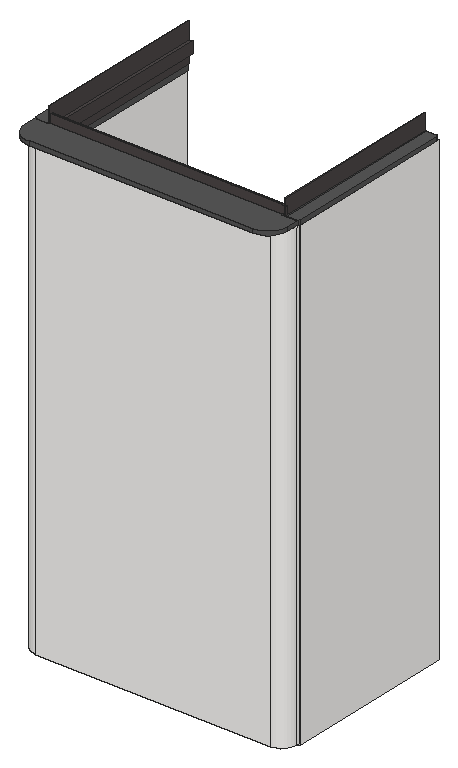
Revit family "vanity unit for handrinse basin, door hinge", category Furniture, Revit 2019 (continued)
Definition of nested family "vanity unit 340_245 for handrinse basin, door hinge right-54018000-dark walnut-chrome-400_content"
  Forms (mm)
    Extrusion 6, solid, visible <- "ContentVisible", detail levels medium+fine
      from 0 to 5
    Extrusion 7, solid, visible <- "ContentVisible", detail levels medium+fine
      sketch origin (0, 0, 0) x (0, 0, -1) y (0, 1, 0)
        loop
          line (-600, -223.5) -> (-600, -225) -> (-570, -225) -> (-570, -223.5) -> (-600, -223.5)
      from -148.5 to 148.5
    Extrusion 8, solid, visible <- "ContentVisible", detail levels medium+fine
      sketch origin (0, 0, 0) x (1, 0, 0) y (0, 0, -1)
        loop
          line (-154, -566.8) -> (-154, -605) -> (-152.5, -605) -> (-152.5, -566.8) -> (-154, -566.8)
      from -225 to 0
    Extrusion 9, solid, visible <- "ContentVisible", detail levels medium+fine
      sketch origin (0, 0, 0) x (1, 0, 0) y (0, 0, -1)
        loop
          line (152.5, -566.8) -> (152.5, -605) -> (154, -605) -> (154, -566.8) -> (152.5, -566.8)
      from -225 to 0
    Extrusion 10, solid, visible <- "ContentVisible", detail levels medium+fine
      sketch origin (0, 0, 600) x (1, 0, 0) y (0, 1, 0)
        loop
          line (-170, -3) -> (-170, -222)
          arc (-170, -222) -> (-169.121, -224.121) -> (-167, -225) r 3
          line (-167, -225) -> (-154, -225) -> (-154, 0) -> (-167, 0)
          arc (-167, 0) -> (-169.121, -0.879) -> (-170, -3) r 3
      from 0 to 5
    Extrusion 11, solid, visible <- "ContentVisible", detail levels medium+fine
      sketch origin (0, 0, 600) x (1, 0, 0) y (0, 1, 0)
        loop
          line (154, 0) -> (154, -225) -> (167, -225)
          arc (167, -225) -> (169.121, -224.121) -> (170, -222) r 3
          line (170, -222) -> (170, -3)
          arc (170, -3) -> (169.121, -0.879) -> (167, 0) r 3
          line (167, 0) -> (154, 0)
      from 0 to 5
    Extrusion 12, solid, visible <- "ContentVisible", detail levels medium+fine
      sketch origin (0, 0, 0) x (1, 0, 0) y (0, 0, -1)
        loop
          line (-152.5, -575.3) -> (-152.5, -624.5) -> (-151, -624.5) -> (-151, -602.8) -> (-146.4, -602.8) -> (-146.4, -588.3) -> (-151, -588.3) -> (-151, -575.3) -> (-152.5, -575.3)
      from -223.5 to 0
    Extrusion 13, solid, visible <- "ContentVisible", detail levels medium+fine
      sketch origin (0, 0, 0) x (1, 0, 0) y (0, 0, -1)
        loop
          line (146.4, -588.3) -> (146.4, -602.8) -> (151, -602.8) -> (151, -624.5) -> (152.5, -624.5) -> (152.5, -575.3) -> (151, -575.3) -> (151, -588.3) -> (146.4, -588.3)
      from -223.5 to 0
    Extrusion 14, solid, visible <- "ContentVisible", detail levels medium+fine
      sketch origin (0, 0, 0) x (0, 0, -1) y (0, 1, 0)
        loop
          line (-616, -223.5) -> (-567, -223.5) -> (-567, -222) -> (-588.5, -222) -> (-588.5, -217.4) -> (-603, -217.4) -> (-603, -222) -> (-616, -222) -> (-616, -223.5)
      from -152.5 to 152.5
    Extrusion 15, solid, visible <- "ContentVisible", detail levels coarse
      sketch origin (0, -133, 0) x (1, 0, 0) y (0, 1, 0)
        loop
          line (-170, -133) -> (170, -133) -> (170, 133) -> (-170, 133) -> (-170, -133)
      from 0 to 624.5
  Dimensions and locks
    aligned and locked: level to plane 2
Definition of nested family "vanity unit 340_245 for handrinse basin, door hinge right-54018670-dark walnut-matt_black-200_content"
  Parameters (values of type "Vanity unit 340_245 for handrinse basin, door hinge right-54018670-Dark Walnut-MATT_BLACK-200_Content")
    etim7_EC011381 = "EC011381"
    WEIGHT = "9.9"
    UNSPSC = "56 | Furniture and Furnishings"
    UNIFORMATII = "E2010 | Fixed Furnishings"
    UNICLASS_2015_CODE = "40_30_78_05"
    UNICLASS2015 = "Pr_40_30_78_05 | Bathroom furniture"
    SURFACE = "MATT_BLACK"
    REGIONSET = "Worldwide"
    PRODUCTURL = "https://pro.hansgrohe.com/articledetail--54018000"
    PRODUCTGROUP = "vanity unit"
    PRODUCTFAMILY = "Xelu Q"
    PERMALINK = "54018XXX"
    OMNICLASS = "23-21 19 15 33 13 | Residential Bathroom Specialty Casework"
    OBJECTTYPE = "Object (single object)"
    OBERFLAECHE = "Dark Walnut"
    NN = "Vanity Unit for handrinse basin, door hinge"
    NBSYN = "$BASENUMBER.-$ARTNR.-$OBERFLAECHE.-$SURFACE.-$LODLEVEL."
    NB = "Vanity unit 340/245 for handrinse basin, door hinge right-54018670-Dark Walnut-MATT_BLACK-200"
    NAME = "Xelu Q Vanity unit Dark Walnut 340/245 for handrinse basin, door hinge right"
    Model = "Vanity unit 340/245 for handrinse basin, door hinge right-54018670-Dark Walnut-MATT_BLACK-200"
    Manufacturer = "Hansgrohe"
    MASTERFORMAT = "12 35 30.23 | Bathroom Casework"
    LODLEVEL = "200"
    LINA = "Vanity unit 340/245 for handrinse basin, door hinge right-54018670-Dark Walnut-MATT_BLACK-200"
    L = 340
    IFC = "Furnishing element"
    GTINCODE = "4059625455319"
    ETIM = "EC011381 | Bathroom furniture set"
    Default Elevation = 1219.2 mm
    DESIGN = "Germany"
    ContentVisible [instance] = yes
    CATALOG = "Hansgrohe"
    BIMOBJECT = "Sanitary: Compound units"
    BASENUMBER = "Vanity unit 340/245 for handrinse basin, door hinge right"
    ARTNR = "54018670"
  Reference planes
    plane 1 "Center (Front/Back)": y = 0
    plane 2: z = 0
    plane 3 "Center (Left/Right)": x = 0
  Forms (mm)
    Extrusion 1, solid, visible <- "ContentVisible", detail levels medium+fine
      sketch origin (0, 0, 0) x (1, 0, 0) y (0, 1, 0)
        loop
          line (-170, 0) -> (-170, -246) -> (170, -246) -> (170, 0) -> (154, 0) -> (154, -72) -> (-154, -72) -> (-154, 0) -> (-170, 0)
      from 0 to 600
    Extrusion 2, solid, visible <- "ContentVisible", detail levels medium+fine
      sketch origin (0, 0, 600) x (1, 0, 0) y (0, 1, 0)
        loop
          line (-168.5, -223.5) -> (-168.5, -266) -> (168.5, -266) -> (168.5, -223.5) -> (-168.5, -223.5)
      from 0 to 5
    Extrusion 3, solid, visible <- "ContentVisible", detail levels medium+fine
      sketch origin (0, 0, 0) x (1, 0, 0) y (0, 0, -1)
        loop
          line (-154, -566.8) -> (-154, -605) -> (-152.5, -605) -> (-152.5, -566.8) -> (-154, -566.8)
      from -225 to 0
    Extrusion 4, solid, visible <- "ContentVisible", detail levels medium+fine
      sketch origin (0, 0, 0) x (1, 0, 0) y (0, 0, -1)
        loop
          line (152.5, -566.8) -> (152.5, -605) -> (154, -605) -> (154, -566.8) -> (152.5, -566.8)
      from -225 to 0
    Extrusion 5, solid, visible <- "ContentVisible", detail levels medium+fine
      sketch origin (0, 0, 600) x (1, 0, 0) y (0, 1, 0)
        loop
          line (-170, 0) -> (-170, -225) -> (-154, -225) -> (-154, 0) -> (-170, 0)
      from 0 to 5
    Extrusion 6, solid, visible <- "ContentVisible", detail levels medium+fine
      sketch origin (0, 0, 600) x (1, 0, 0) y (0, 1, 0)
        loop
          line (154, 0) -> (154, -225) -> (170, -225) -> (170, 0) -> (154, 0)
      from 0 to 5
    Extrusion 7, solid, visible <- "ContentVisible", detail levels medium+fine
      sketch origin (0, 0, 0) x (1, 0, 0) y (0, 0, -1)
        loop
          line (-152.5, -575.3) -> (-152.5, -624.5) -> (-146.4, -624.5) -> (-146.4, -575.3) -> (-152.5, -575.3)
      from -223.5 to 0
    Extrusion 8, solid, visible <- "ContentVisible", detail levels medium+fine
      sketch origin (0, 0, 0) x (1, 0, 0) y (0, 0, -1)
        loop
          line (146.4, -575.3) -> (146.4, -624.5) -> (152.5, -624.5) -> (152.5, -575.3) -> (146.4, -575.3)
      from -223.5 to 0
    Extrusion 9, solid, visible <- "ContentVisible", detail levels medium+fine
      sketch origin (0, 0, 0) x (0, 0, -1) y (0, 1, 0)
        loop
          line (-616, -223.5) -> (-567, -223.5) -> (-567, -217.4) -> (-616, -217.4) -> (-616, -223.5)
      from -152.5 to 152.5
    Extrusion 10, solid, visible <- "ContentVisible", detail levels coarse
      sketch origin (0, -133, 0) x (1, 0, 0) y (0, 1, 0)
        loop
          line (-170, -133) -> (170, -133) -> (170, 133) -> (-170, 133) -> (-170, -133)
      from 0 to 624.5
  Dimensions and locks
    aligned and locked: level to plane 2
Definition of nested family "vanity unit 340_245 for handrinse basin, door hinge right-54018670-dark walnut-matt_black-400_content"
  Parameters (values of type "Vanity unit 340_245 for handrinse basin, door hinge right-54018670-Dark Walnut-MATT_BLACK-400_Content")
    etim7_EC011381 = "EC011381"
    WEIGHT = "9.9"
    UNSPSC = "56 | Furniture and Furnishings"
    UNIFORMATII = "E2010 | Fixed Furnishings"
    UNICLASS_2015_CODE = "40_30_78_05"
    UNICLASS2015 = "Pr_40_30_78_05 | Bathroom furniture"
    SURFACE = "MATT_BLACK"
    REGIONSET = "Worldwide"
    PRODUCTURL = "https://pro.hansgrohe.com/articledetail--54018000"
    PRODUCTGROUP = "vanity unit"
    PRODUCTFAMILY = "Xelu Q"
    PERMALINK = "54018XXX"
    OMNICLASS = "23-21 19 15 33 13 | Residential Bathroom Specialty Casework"
    OBJECTTYPE = "Object (single object)"
    OBERFLAECHE = "Dark Walnut"
    NN = "Vanity Unit for handrinse basin, door hinge"
    NBSYN = "$BASENUMBER.-$ARTNR.-$OBERFLAECHE.-$SURFACE.-$LODLEVEL."
    NB = "Vanity unit 340/245 for handrinse basin, door hinge right-54018670-Dark Walnut-MATT_BLACK-400"
    NAME = "Xelu Q Vanity unit Dark Walnut 340/245 for handrinse basin, door hinge right"
    Model = "Vanity unit 340/245 for handrinse basin, door hinge right-54018670-Dark Walnut-MATT_BLACK-400"
    Manufacturer = "Hansgrohe"
    MASTERFORMAT = "12 35 30.23 | Bathroom Casework"
    LODLEVEL = "400"
    LINA = "Vanity unit 340/245 for handrinse basin, door hinge right-54018670-Dark Walnut-MATT_BLACK-400"
    L = 340
    IFC = "Furnishing element"
    GTINCODE = "4059625455319"
    ETIM = "EC011381 | Bathroom furniture set"
    Default Elevation = 1219.2 mm
    DESIGN = "Germany"
    ContentVisible [instance] = yes
    CATALOG = "Hansgrohe"
    BIMOBJECT = "Sanitary: Compound units"
    BASENUMBER = "Vanity unit 340/245 for handrinse basin, door hinge right"
    ARTNR = "54018670"
  Reference planes
    plane 1 "Center (Front/Back)": y = 0
    plane 2: z = 0
    plane 3 "Center (Left/Right)": x = 0
  Forms (mm)
    Extrusion 1, solid, visible <- "ContentVisible", detail levels medium+fine
      sketch origin (0, 0, 0) x (1, 0, 0) y (0, 1, 0)
        loop
          line (-170, 0) -> (-170, -222)
          arc (-170, -222) -> (-169.121, -224.121) -> (-167, -225) r 3
          line (-167, -225) -> (-154, -225) -> (-154, 0) -> (-170, 0)
      from 0 to 600
    Extrusion 2, solid, visible <- "ContentVisible", detail levels medium+fine
      sketch origin (0, 0, 2) x (1, 0, 0) y (0, 1, 0)
        loop
          line (-154, -88) -> (-154, -225) -> (154, -225) -> (154, -88) -> (-154, -88)
      from 0 to 16
    Extrusion 3, solid, visible <- "ContentVisible", detail levels medium+fine
      sketch origin (0, 0, 0) x (1, 0, 0) y (0, 1, 0)
        loop
          line (154, 0) -> (154, -225) -> (167, -225)
          arc (167, -225) -> (169.121, -224.121) -> (170, -222) r 3
          line (170, -222) -> (170, 0) -> (154, 0)
      from 0 to 600
    Extrusion 4, solid, visible <- "ContentVisible", detail levels medium+fine
      sketch origin (0, 0, 2) x (1, 0, 0) y (0, 1, 0)
        loop
          line (-154, -72) -> (-154, -88) -> (154, -88) -> (154, -72) -> (-154, -72)
      from 0 to 126
    Extrusion 5, solid, visible <- "ContentVisible", detail levels medium+fine
      sketch origin (0, 0, 2) x (1, 0, 0) y (0, 1, 0)
        loop
          arc (-170, -227) -> (-164.435, -240.435) -> (-151, -246) r 19
          line (-151, -246) -> (151, -246)
          arc (151, -246) -> (164.435, -240.435) -> (170, -227) r 19
          line (170, -227) -> (170, -225) -> (-170, -225) -> (-170, -227)
      from 0 to 598
    Extrusion 6, solid, visible <- "ContentVisible", detail levels medium+fine
      sketch origin (0, 0, 600) x (1, 0, 0) y (0, 1, 0)
        loop
          line (-168.5, -225) -> (-168.5, -241)
          arc (-168.5, -241) -> (-161.178, -258.678) -> (-143.5, -266) r 25
          line (-143.5, -266) -> (143.5, -266)
          arc (143.5, -266) -> (161.178, -258.678) -> (168.5, -241) r 25
          line (168.5, -241) -> (168.5, -225) -> (148.5, -225) -> (148.5, -223.5) -> (-148.5, -223.5) -> (-148.5, -225) -> (-168.5, -225)
      from 0 to 5
    Extrusion 7, solid, visible <- "ContentVisible", detail levels medium+fine
      sketch origin (0, 0, 0) x (0, 0, -1) y (0, 1, 0)
        loop
          line (-600, -223.5) -> (-600, -225) -> (-570, -225) -> (-570, -223.5) -> (-600, -223.5)
      from -148.5 to 148.5
    Extrusion 8, solid, visible <- "ContentVisible", detail levels medium+fine
      sketch origin (0, 0, 0) x (1, 0, 0) y (0, 0, -1)
        loop
          line (-154, -566.8) -> (-154, -605) -> (-152.5, -605) -> (-152.5, -566.8) -> (-154, -566.8)
      from -225 to 0
    Extrusion 9, solid, visible <- "ContentVisible", detail levels medium+fine
      sketch origin (0, 0, 0) x (1, 0, 0) y (0, 0, -1)
        loop
          line (152.5, -566.8) -> (152.5, -605) -> (154, -605) -> (154, -566.8) -> (152.5, -566.8)
      from -225 to 0
    Extrusion 10, solid, visible <- "ContentVisible", detail levels medium+fine
      sketch origin (0, 0, 600) x (1, 0, 0) y (0, 1, 0)
        loop
          line (-170, -3) -> (-170, -222)
          arc (-170, -222) -> (-169.121, -224.121) -> (-167, -225) r 3
          line (-167, -225) -> (-154, -225) -> (-154, 0) -> (-167, 0)
          arc (-167, 0) -> (-169.121, -0.879) -> (-170, -3) r 3
      from 0 to 5
    Extrusion 11, solid, visible <- "ContentVisible", detail levels medium+fine
      sketch origin (0, 0, 600) x (1, 0, 0) y (0, 1, 0)
        loop
          line (154, 0) -> (154, -225) -> (167, -225)
          arc (167, -225) -> (169.121, -224.121) -> (170, -222) r 3
          line (170, -222) -> (170, -3)
          arc (170, -3) -> (169.121, -0.879) -> (167, 0) r 3
          line (167, 0) -> (154, 0)
      from 0 to 5
    Extrusion 12, solid, visible <- "ContentVisible", detail levels medium+fine
      sketch origin (0, 0, 0) x (1, 0, 0) y (0, 0, -1)
        loop
          line (-152.5, -575.3) -> (-152.5, -624.5) -> (-151, -624.5) -> (-151, -602.8) -> (-146.4, -602.8) -> (-146.4, -588.3) -> (-151, -588.3) -> (-151, -575.3) -> (-152.5, -575.3)
      from -223.5 to 0
    Extrusion 13, solid, visible <- "ContentVisible", detail levels medium+fine
      sketch origin (0, 0, 0) x (1, 0, 0) y (0, 0, -1)
        loop
          line (146.4, -588.3) -> (146.4, -602.8) -> (151, -602.8) -> (151, -624.5) -> (152.5, -624.5) -> (152.5, -575.3) -> (151, -575.3) -> (151, -588.3) -> (146.4, -588.3)
      from -223.5 to 0
    Extrusion 14, solid, visible <- "ContentVisible", detail levels medium+fine
      sketch origin (0, 0, 0) x (0, 0, -1) y (0, 1, 0)
        loop
          line (-616, -223.5) -> (-567, -223.5) -> (-567, -222) -> (-588.5, -222) -> (-588.5, -217.4) -> (-603, -217.4) -> (-603, -222) -> (-616, -222) -> (-616, -223.5)
      from -152.5 to 152.5
    Extrusion 15, solid, visible <- "ContentVisible", detail levels coarse
      sketch origin (0, -133, 0) x (1, 0, 0) y (0, 1, 0)
        loop
          line (-170, -133) -> (170, -133) -> (170, 133) -> (-170, 133) -> (-170, -133)
      from 0 to 624.5
  Dimensions and locks
    aligned and locked: level to plane 2
Definition of nested family "vanity unit 340_245 for handrinse basin, door hinge right-54018700-dark walnut-matt_white-200_content"
  Parameters (values of type "Vanity unit 340_245 for handrinse basin, door hinge right-54018700-Dark Walnut-MATT_WHITE-200_Content")
    etim7_EC011381 = "EC011381"
    WEIGHT = "9.9"
    UNSPSC = "56 | Furniture and Furnishings"
    UNIFORMATII = "E2010 | Fixed Furnishings"
    UNICLASS_2015_CODE = "40_30_78_05"
    UNICLASS2015 = "Pr_40_30_78_05 | Bathroom furniture"
    SURFACE = "MATT_WHITE"
    REGIONSET = "Worldwide"
    PRODUCTURL = "https://pro.hansgrohe.com/articledetail--54018000"
    PRODUCTGROUP = "vanity unit"
    PRODUCTFAMILY = "Xelu Q"
    PERMALINK = "54018XXX"
    OMNICLASS = "23-21 19 15 33 13 | Residential Bathroom Specialty Casework"
    OBJECTTYPE = "Object (single object)"
    OBERFLAECHE = "Dark Walnut"
    NN = "Vanity Unit for handrinse basin, door hinge"
    NBSYN = "$BASENUMBER.-$ARTNR.-$OBERFLAECHE.-$SURFACE.-$LODLEVEL."
    NB = "Vanity unit 340/245 for handrinse basin, door hinge right-54018700-Dark Walnut-MATT_WHITE-200"
    NAME = "Xelu Q Vanity unit Dark Walnut 340/245 for handrinse basin, door hinge right"
    Model = "Vanity unit 340/245 for handrinse basin, door hinge right-54018700-Dark Walnut-MATT_WHITE-200"
    Manufacturer = "Hansgrohe"
    MASTERFORMAT = "12 35 30.23 | Bathroom Casework"
    LODLEVEL = "200"
    LINA = "Vanity unit 340/245 for handrinse basin, door hinge right-54018700-Dark Walnut-MATT_WHITE-200"
    L = 340
    IFC = "Furnishing element"
    GTINCODE = "4059625455319"
    ETIM = "EC011381 | Bathroom furniture set"
    Default Elevation = 1219.2 mm
    DESIGN = "Germany"
    ContentVisible [instance] = yes
    CATALOG = "Hansgrohe"
    BIMOBJECT = "Sanitary: Compound units"
    BASENUMBER = "Vanity unit 340/245 for handrinse basin, door hinge right"
    ARTNR = "54018700"
  Reference planes
    plane 1 "Center (Front/Back)": y = 0
    plane 2: z = 0
    plane 3 "Center (Left/Right)": x = 0
  Forms (mm)
    Extrusion 1, solid, visible <- "ContentVisible", detail levels medium+fine
      sketch origin (0, 0, 0) x (1, 0, 0) y (0, 1, 0)
        loop
          line (-170, 0) -> (-170, -246) -> (170, -246) -> (170, 0) -> (154, 0) -> (154, -72) -> (-154, -72) -> (-154, 0) -> (-170, 0)
      from 0 to 600
    Extrusion 2, solid, visible <- "ContentVisible", detail levels medium+fine
      sketch origin (0, 0, 600) x (1, 0, 0) y (0, 1, 0)
        loop
          line (-168.5, -223.5) -> (-168.5, -266) -> (168.5, -266) -> (168.5, -223.5) -> (-168.5, -223.5)
      from 0 to 5
    Extrusion 3, solid, visible <- "ContentVisible", detail levels medium+fine
      sketch origin (0, 0, 0) x (1, 0, 0) y (0, 0, -1)
        loop
          line (-154, -566.8) -> (-154, -605) -> (-152.5, -605) -> (-152.5, -566.8) -> (-154, -566.8)
      from -225 to 0
    Extrusion 4, solid, visible <- "ContentVisible", detail levels medium+fine
      sketch origin (0, 0, 0) x (1, 0, 0) y (0, 0, -1)
        loop
          line (152.5, -566.8) -> (152.5, -605) -> (154, -605) -> (154, -566.8) -> (152.5, -566.8)
      from -225 to 0
    Extrusion 5, solid, visible <- "ContentVisible", detail levels medium+fine
      sketch origin (0, 0, 600) x (1, 0, 0) y (0, 1, 0)
        loop
          line (-170, 0) -> (-170, -225) -> (-154, -225) -> (-154, 0) -> (-170, 0)
      from 0 to 5
    Extrusion 6, solid, visible <- "ContentVisible", detail levels medium+fine
      sketch origin (0, 0, 600) x (1, 0, 0) y (0, 1, 0)
        loop
          line (154, 0) -> (154, -225) -> (170, -225) -> (170, 0) -> (154, 0)
      from 0 to 5
    Extrusion 7, solid, visible <- "ContentVisible", detail levels medium+fine
      sketch origin (0, 0, 0) x (1, 0, 0) y (0, 0, -1)
        loop
          line (-152.5, -575.3) -> (-152.5, -624.5) -> (-146.4, -624.5) -> (-146.4, -575.3) -> (-152.5, -575.3)
      from -223.5 to 0
    Extrusion 8, solid, visible <- "ContentVisible", detail levels medium+fine
      sketch origin (0, 0, 0) x (1, 0, 0) y (0, 0, -1)
        loop
          line (146.4, -575.3) -> (146.4, -624.5) -> (152.5, -624.5) -> (152.5, -575.3) -> (146.4, -575.3)
      from -223.5 to 0
    Extrusion 9, solid, visible <- "ContentVisible", detail levels medium+fine
      sketch origin (0, 0, 0) x (0, 0, -1) y (0, 1, 0)
        loop
          line (-616, -223.5) -> (-567, -223.5) -> (-567, -217.4) -> (-616, -217.4) -> (-616, -223.5)
      from -152.5 to 152.5
    Extrusion 10, solid, visible <- "ContentVisible", detail levels coarse
      sketch origin (0, -133, 0) x (1, 0, 0) y (0, 1, 0)
        loop
          line (-170, -133) -> (170, -133) -> (170, 133) -> (-170, 133) -> (-170, -133)
      from 0 to 624.5
  Dimensions and locks
    aligned and locked: level to plane 2
Definition of nested family "vanity unit 340_245 for handrinse basin, door hinge right-54018700-dark walnut-matt_white-400_content"
  Parameters (values of type "Vanity unit 340_245 for handrinse basin, door hinge right-54018700-Dark Walnut-MATT_WHITE-400_Content")
    etim7_EC011381 = "EC011381"
    WEIGHT = "9.9"
    UNSPSC = "56 | Furniture and Furnishings"
    UNIFORMATII = "E2010 | Fixed Furnishings"
    UNICLASS_2015_CODE = "40_30_78_05"
    UNICLASS2015 = "Pr_40_30_78_05 | Bathroom furniture"
    SURFACE = "MATT_WHITE"
    REGIONSET = "Worldwide"
    PRODUCTURL = "https://pro.hansgrohe.com/articledetail--54018000"
    PRODUCTGROUP = "vanity unit"
    PRODUCTFAMILY = "Xelu Q"
    PERMALINK = "54018XXX"
    OMNICLASS = "23-21 19 15 33 13 | Residential Bathroom Specialty Casework"
    OBJECTTYPE = "Object (single object)"
    OBERFLAECHE = "Dark Walnut"
    NN = "Vanity Unit for handrinse basin, door hinge"
    NBSYN = "$BASENUMBER.-$ARTNR.-$OBERFLAECHE.-$SURFACE.-$LODLEVEL."
    NB = "Vanity unit 340/245 for handrinse basin, door hinge right-54018700-Dark Walnut-MATT_WHITE-400"
    NAME = "Xelu Q Vanity unit Dark Walnut 340/245 for handrinse basin, door hinge right"
    Model = "Vanity unit 340/245 for handrinse basin, door hinge right-54018700-Dark Walnut-MATT_WHITE-400"
    Manufacturer = "Hansgrohe"
    MASTERFORMAT = "12 35 30.23 | Bathroom Casework"
    LODLEVEL = "400"
    LINA = "Vanity unit 340/245 for handrinse basin, door hinge right-54018700-Dark Walnut-MATT_WHITE-400"
    L = 340
    IFC = "Furnishing element"
    GTINCODE = "4059625455319"
    ETIM = "EC011381 | Bathroom furniture set"
    Default Elevation = 1219.2 mm
    DESIGN = "Germany"
    ContentVisible [instance] = yes
    CATALOG = "Hansgrohe"
    BIMOBJECT = "Sanitary: Compound units"
    BASENUMBER = "Vanity unit 340/245 for handrinse basin, door hinge right"
    ARTNR = "54018700"
  Reference planes
    plane 1 "Center (Front/Back)": y = 0
    plane 2: z = 0
    plane 3 "Center (Left/Right)": x = 0
  Forms (mm)
    Extrusion 1, solid, visible <- "ContentVisible", detail levels medium+fine
      sketch origin (0, 0, 0) x (1, 0, 0) y (0, 1, 0)
        loop
          line (-170, 0) -> (-170, -222)
          arc (-170, -222) -> (-169.121, -224.121) -> (-167, -225) r 3
          line (-167, -225) -> (-154, -225) -> (-154, 0) -> (-170, 0)
      from 0 to 600
    Extrusion 2, solid, visible <- "ContentVisible", detail levels medium+fine
      sketch origin (0, 0, 2) x (1, 0, 0) y (0, 1, 0)
        loop
          line (-154, -88) -> (-154, -225) -> (154, -225) -> (154, -88) -> (-154, -88)
      from 0 to 16
    Extrusion 3, solid, visible <- "ContentVisible", detail levels medium+fine
      sketch origin (0, 0, 0) x (1, 0, 0) y (0, 1, 0)
        loop
          line (154, 0) -> (154, -225) -> (167, -225)
          arc (167, -225) -> (169.121, -224.121) -> (170, -222) r 3
          line (170, -222) -> (170, 0) -> (154, 0)
      from 0 to 600
    Extrusion 4, solid, visible <- "ContentVisible", detail levels medium+fine
      sketch origin (0, 0, 2) x (1, 0, 0) y (0, 1, 0)
        loop
          line (-154, -72) -> (-154, -88) -> (154, -88) -> (154, -72) -> (-154, -72)
      from 0 to 126
    Extrusion 5, solid, visible <- "ContentVisible", detail levels medium+fine
      sketch origin (0, 0, 2) x (1, 0, 0) y (0, 1, 0)
        loop
          arc (-170, -227) -> (-164.435, -240.435) -> (-151, -246) r 19
          line (-151, -246) -> (151, -246)
          arc (151, -246) -> (164.435, -240.435) -> (170, -227) r 19
          line (170, -227) -> (170, -225) -> (-170, -225) -> (-170, -227)
      from 0 to 598
    Extrusion 6, solid, visible <- "ContentVisible", detail levels medium+fine
      sketch origin (0, 0, 600) x (1, 0, 0) y (0, 1, 0)
        loop
          line (-168.5, -225) -> (-168.5, -241)
          arc (-168.5, -241) -> (-161.178, -258.678) -> (-143.5, -266) r 25
          line (-143.5, -266) -> (143.5, -266)
          arc (143.5, -266) -> (161.178, -258.678) -> (168.5, -241) r 25
          line (168.5, -241) -> (168.5, -225) -> (148.5, -225) -> (148.5, -223.5) -> (-148.5, -223.5) -> (-148.5, -225) -> (-168.5, -225)
      from 0 to 5
    Extrusion 7, solid, visible <- "ContentVisible", detail levels medium+fine
      sketch origin (0, 0, 0) x (0, 0, -1) y (0, 1, 0)
        loop
          line (-600, -223.5) -> (-600, -225) -> (-570, -225) -> (-570, -223.5) -> (-600, -223.5)
      from -148.5 to 148.5
    Extrusion 8, solid, visible <- "ContentVisible", detail levels medium+fine
      sketch origin (0, 0, 0) x (1, 0, 0) y (0, 0, -1)
        loop
          line (-154, -566.8) -> (-154, -605) -> (-152.5, -605) -> (-152.5, -566.8) -> (-154, -566.8)
      from -225 to 0
    Extrusion 9, solid, visible <- "ContentVisible", detail levels medium+fine
      sketch origin (0, 0, 0) x (1, 0, 0) y (0, 0, -1)
        loop
          line (152.5, -566.8) -> (152.5, -605) -> (154, -605) -> (154, -566.8) -> (152.5, -566.8)
      from -225 to 0
    Extrusion 10, solid, visible <- "ContentVisible", detail levels medium+fine
      sketch origin (0, 0, 600) x (1, 0, 0) y (0, 1, 0)
        loop
          line (-170, -3) -> (-170, -222)
          arc (-170, -222) -> (-169.121, -224.121) -> (-167, -225) r 3
          line (-167, -225) -> (-154, -225) -> (-154, 0) -> (-167, 0)
          arc (-167, 0) -> (-169.121, -0.879) -> (-170, -3) r 3
      from 0 to 5
    Extrusion 11, solid, visible <- "ContentVisible", detail levels medium+fine
      sketch origin (0, 0, 600) x (1, 0, 0) y (0, 1, 0)
        loop
          line (154, 0) -> (154, -225) -> (167, -225)
          arc (167, -225) -> (169.121, -224.121) -> (170, -222) r 3
          line (170, -222) -> (170, -3)
          arc (170, -3) -> (169.121, -0.879) -> (167, 0) r 3
          line (167, 0) -> (154, 0)
      from 0 to 5
    Extrusion 12, solid, visible <- "ContentVisible", detail levels medium+fine
      sketch origin (0, 0, 0) x (1, 0, 0) y (0, 0, -1)
        loop
          line (-152.5, -575.3) -> (-152.5, -624.5) -> (-151, -624.5) -> (-151, -602.8) -> (-146.4, -602.8) -> (-146.4, -588.3) -> (-151, -588.3) -> (-151, -575.3) -> (-152.5, -575.3)
      from -223.5 to 0
    Extrusion 13, solid, visible <- "ContentVisible", detail levels medium+fine
      sketch origin (0, 0, 0) x (1, 0, 0) y (0, 0, -1)
        loop
          line (146.4, -588.3) -> (146.4, -602.8) -> (151, -602.8) -> (151, -624.5) -> (152.5, -624.5) -> (152.5, -575.3) -> (151, -575.3) -> (151, -588.3) -> (146.4, -588.3)
      from -223.5 to 0
    Extrusion 14, solid, visible <- "ContentVisible", detail levels medium+fine
      sketch origin (0, 0, 0) x (0, 0, -1) y (0, 1, 0)
        loop
          line (-616, -223.5) -> (-567, -223.5) -> (-567, -222) -> (-588.5, -222) -> (-588.5, -217.4) -> (-603, -217.4) -> (-603, -222) -> (-616, -222) -> (-616, -223.5)
      from -152.5 to 152.5
    Extrusion 15, solid, visible <- "ContentVisible", detail levels coarse
      sketch origin (0, -133, 0) x (1, 0, 0) y (0, 1, 0)
        loop
          line (-170, -133) -> (170, -133) -> (170, 133) -> (-170, 133) -> (-170, -133)
      from 0 to 624.5
  Dimensions and locks
    aligned and locked: level to plane 2
Types (48, lengths in mm): name | Vanity unit 340_245 for handrinse basin, door hinge right-54018700-Dark Walnut-MATT_WHITE-400_RX0RY0RZ0TX0TY0TZ0_V | Vanity unit 340_245 for handrinse basin, door hinge right-54018700-Dark Walnut-MATT_WHITE-200_RX0RY0RZ0TX0TY0TZ0_V | Vanity unit 340_245 for handrinse basin, door hinge right-54018670-Dark Walnut-MATT_BLACK-400_RX0RY0RZ0TX0TY0TZ0_V | Vanity unit 340_245 for handrinse basin, door hinge right-54018670-Dark Walnut-MATT_BLACK-200_RX0RY0RZ0TX0TY0TZ0_V | Vanity unit 340_245 for handrinse basin, door hinge right-54018000-Dark Walnut-CHROME-400_RX0RY0RZ0TX0TY0TZ0_V | Vanity unit 340_245 for handrinse basin, door hinge right-54018000-Dark Walnut-CHROME-200_RX0RY0RZ0TX0TY0TZ0_V | Vanity unit 340_245 for handrinse basin, door hinge right-54017700-Natural Oak-MATT_WHITE-400_RX0RY0RZ0TX0TY0TZ0_V | Vanity unit 340_245 for handrinse basin, door hinge right-54017700-Natural Oak-MATT_WHITE-200_RX0RY0RZ0TX0TY0TZ0_V | Vanity unit 340_245 for handrinse basin, door hinge right-54017670-Natural Oak-MATT_BLACK-400_RX0RY0RZ0TX0TY0TZ0_V | Vanity unit 340_245 for handrinse basin, door hinge right-54017670-Natural Oak-MATT_BLACK-200_RX0RY0RZ0TX0TY0TZ0_V | Vanity unit 340_245 for handrinse basin, door hinge right-54017000-Natural Oak-CHROME-400_RX0RY0RZ0TX0TY0TZ0_V | Vanity unit 340_245 for handrinse basin, door hinge right-54017000-Natural Oak-CHROME-200_RX0RY0RZ0TX0TY0TZ0_V | Vanity unit 340_245 for handrinse basin, door hinge right-54016700-Diamond Matt Grey-MATT_WHITE-400_RX0RY0RZ0TX0TY0TZ0_V | Vanity unit 340_245 for handrinse basin, door hinge right-54016700-Diamond Matt Grey-MATT_WHITE-200_RX0RY0RZ0TX0TY0TZ0_V | Vanity unit 340_245 for handrinse basin, door hinge right-54016670-Diamond Matt Grey-MATT_BLACK-400_RX0RY0RZ0TX0TY0TZ0_V | Vanity unit 340_245 for handrinse basin, door hinge right-54016670-Diamond Matt Grey-MATT_BLACK-200_RX0RY0RZ0TX0TY0TZ0_V | Vanity unit 340_245 for handrinse basin, door hinge right-54016000-Diamond Matt Grey-CHROME-400_RX0RY0RZ0TX0TY0TZ0_V | Vanity unit 340_245 for handrinse basin, door hinge right-54016000-Diamond Matt Grey-CHROME-200_RX0RY0RZ0TX0TY0TZ0_V | Vanity unit 340_245 for handrinse basin, door hinge right-54015700-High Gloss White-MATT_WHITE-400_RX0RY0RZ0TX0TY0TZ0_V | Vanity unit 340_245 for handrinse basin, door hinge right-54015700-High Gloss White-MATT_WHITE-200_RX0RY0RZ0TX0TY0TZ0_V | Vanity unit 340_245 for handrinse basin, door hinge right-54015670-High Gloss White-MATT_BLACK-400_RX0RY0RZ0TX0TY0TZ0_V | Vanity unit 340_245 for handrinse basin, door hinge right-54015670-High Gloss White-MATT_BLACK-200_RX0RY0RZ0TX0TY0TZ0_V | Vanity unit 340_245 for handrinse basin, door hinge right-54015000-High Gloss White-CHROME-400_RX0RY0RZ0TX0TY0TZ0_V | Vanity unit 340_245 for handrinse basin, door hinge right-54015000-High Gloss White-CHROME-200_RX0RY0RZ0TX0TY0TZ0_V | Vanity unit 340_245 for handrinse basin, door hinge left-54014700-Dark Walnut-MATT_WHITE-400_RX0RY0RZ0TX0TY0TZ0_V | Vanity unit 340_245 for handrinse basin, door hinge left-54014700-Dark Walnut-MATT_WHITE-200_RX0RY0RZ0TX0TY0TZ0_V | Vanity unit 340_245 for handrinse basin, door hinge left-54014670-Dark Walnut-MATT_BLACK-400_RX0RY0RZ0TX0TY0TZ0_V | Vanity unit 340_245 for handrinse basin, door hinge left-54014670-Dark Walnut-MATT_BLACK-200_RX0RY0RZ0TX0TY0TZ0_V | Vanity unit 340_245 for handrinse basin, door hinge left-54014000-Dark Walnut-CHROME-400_RX0RY0RZ0TX0TY0TZ0_V | Vanity unit 340_245 for handrinse basin, door hinge left-54014000-Dark Walnut-CHROME-200_RX0RY0RZ0TX0TY0TZ0_V | Vanity unit 340_245 for handrinse basin, door hinge left-54013700-Natural Oak-MATT_WHITE-400_RX0RY0RZ0TX0TY0TZ0_V | Vanity unit 340_245 for handrinse basin, door hinge left-54013700-Natural Oak-MATT_WHITE-200_RX0RY0RZ0TX0TY0TZ0_V | Vanity unit 340_245 for handrinse basin, door hinge left-54013670-Natural Oak-MATT_BLACK-400_RX0RY0RZ0TX0TY0TZ0_V | Vanity unit 340_245 for handrinse basin, door hinge left-54013670-Natural Oak-MATT_BLACK-200_RX0RY0RZ0TX0TY0TZ0_V | Vanity unit 340_245 for handrinse basin, door hinge left-54013000-Natural Oak-CHROME-400_RX0RY0RZ0TX0TY0TZ0_V | Vanity unit 340_245 for handrinse basin, door hinge left-54013000-Natural Oak-CHROME-200_RX0RY0RZ0TX0TY0TZ0_V | Vanity unit 340_245 for handrinse basin, door hinge left-54012700-Diamond Matt Grey-MATT_WHITE-400_RX0RY0RZ0TX0TY0TZ0_V | Vanity unit 340_245 for handrinse basin, door hinge left-54012700-Diamond Matt Grey-MATT_WHITE-200_RX0RY0RZ0TX0TY0TZ0_V | Vanity unit 340_245 for handrinse basin, door hinge left-54012670-Diamond Matt Grey-MATT_BLACK-400_RX0RY0RZ0TX0TY0TZ0_V | Vanity unit 340_245 for handrinse basin, door hinge left-54012670-Diamond Matt Grey-MATT_BLACK-200_RX0RY0RZ0TX0TY0TZ0_V | Vanity unit 340_245 for handrinse basin, door hinge left-54012000-Diamond Matt Grey-CHROME-400_RX0RY0RZ0TX0TY0TZ0_V | Vanity unit 340_245 for handrinse basin, door hinge left-54012000-Diamond Matt Grey-CHROME-200_RX0RY0RZ0TX0TY0TZ0_V | Vanity unit 340_245 for handrinse basin, door hinge left-54011700-High Gloss White-MATT_WHITE-400_RX0RY0RZ0TX0TY0TZ0_V | Vanity unit 340_245 for handrinse basin, door hinge left-54011700-High Gloss White-MATT_WHITE-200_RX0RY0RZ0TX0TY0TZ0_V | Vanity unit 340_245 for handrinse basin, door hinge left-54011670-High Gloss White-MATT_BLACK-400_RX0RY0RZ0TX0TY0TZ0_V | Vanity unit 340_245 for handrinse basin, door hinge left-54011670-High Gloss White-MATT_BLACK-200_RX0RY0RZ0TX0TY0TZ0_V | Vanity unit 340_245 for handrinse basin, door hinge left-54011000-High Gloss White-CHROME-400_RX0RY0RZ0TX0TY0TZ0_V | Vanity unit 340_245 for handrinse basin, door hinge left-54011000-High Gloss White-CHROME-200_RX0RY0RZ0TX0TY0TZ0_V | SURFACE | PRODUCTURL | PERMALINK | OBERFLAECHE | NB | NAME | Model | MIdent | LODLEVEL | LINA | GTINCODE | BASENUMBER | ARTNR
  Vanity unit 340_245 for handrinse basin, door hinge left-54011000-High Gloss White-CHROME-200 | no | no | no | no | no | no | no | no | no | no | no | no | no | no | no | no | no | no | no | no | no | no | no | no | no | no | no | no | no | no | no | no | no | no | no | no | no | no | no | no | no | no | no | no | no | no | no | yes | "CHROME" | "https://pro.hansgrohe.com/articledetail--54011000" | "54011XXX" | "High Gloss White" | "Vanity unit 340/245 for handrinse basin, door hinge left-54011000-High Gloss White-CHROME-200" | "Xelu Q Vanity unit High Gloss White 340/245 for handrinse basin, door hinge left" | "Vanity unit 340/245 for handrinse basin, door hinge left-54011000-High Gloss White-CHROME-200" | "{$CADENAS_DATA/23d-libs/hansgrohe/xelu_furniture/vanity_unit_with_door_hinge/vanity_unit_for_handrinse_basin_with_door_hing.prj},371 {VTYP=3D},{NB=Vanity unit 340/245 for handrinse basin, door hinge left-54011000-High Gloss White-CHROME-200},{LINA=Vanity unit 340/245 for handrinse basin, door hinge left-54011000-High Gloss White-CHROME-200},{NN=Vanity Unit for handrinse basin, door hinge},{DATE=13.03.2023 09:26:03},{GEOMDATE=13.03.2023 09:26:00},{VERSION=},{LINEID=20},{WBVAR=LODLEVEL},{WBNUMERIC=}  {NB=Vanity unit 340/245 for handrinse basin, door hinge left-54011000-High Gloss White-CHROME-200},{LINA=Vanity unit 340/245 for handrinse basin, door hinge left-54011000-High Gloss White-CHROME-200},{KT=DUMMY},{IDNR=2},{ARTNR=54011000},{BASENUMBER=Vanity unit 340/245 for handrinse basin, door hinge left},{MODEL=54011XXX},{OBERFLAECHE=High Gloss White},{SURFACE=CHROME},{L=340},{LODLEVEL=200},{LODLEVELX='400','400','200','200'},{NAME=Xelu Q Vanity unit High Gloss White 340/245 for handrinse basin, door hinge left},{PERMALINK=54011XXX},{OBJECTTYPE=Object (single object)},{BIMOBJECT=Sanitary: Compound units},{PRODUCTFAMILY=Xelu Q},{PRODUCTGROUP=vanity unit},{WEIGHT=9.9},{DESCRIPTION=Xelu Q Vanity unit High Gloss White 340/245 for handrinse basin, door hinge left},{SPECIFICATION=},{PRODUCTURL=https://pro.hansgrohe.com/articledetail--54011000},{GTINCODE=4059625455135},{TENDERURL=},{IFC=Furnishing element},{ETIM=EC011381 | Bathroom furniture set},{UNICLASS2015=Pr_40_30_78_05 | Bathroom furniture},{OMNICLASS=23-21 19 15 33 13 | Residential Bathroom Specialty Casework},{MASTERFORMAT=12 35 30.23 | Bathroom Casework},{UNSPSC=56 | Furniture and Furnishings},{UNIFORMATII=E2010 | Fixed Furnishings},{REGIONSET=Worldwide},{DESIGN=Germany},{MANUFACTURER=Germany}" | "200" | "Vanity unit 340/245 for handrinse basin, door hinge left-54011000-High Gloss White-CHROME-200" | "4059625455135" | "Vanity unit 340/245 for handrinse basin, door hinge left" | "54011000"
  Vanity unit 340_245 for handrinse basin, door hinge left-54011000-High Gloss White-CHROME-400 | no | no | no | no | no | no | no | no | no | no | no | no | no | no | no | no | no | no | no | no | no | no | no | no | no | no | no | no | no | no | no | no | no | no | no | no | no | no | no | no | no | no | no | no | no | no | yes | no | "CHROME" | "https://pro.hansgrohe.com/articledetail--54011000" | "54011XXX" | "High Gloss White" | "Vanity unit 340/245 for handrinse basin, door hinge left-54011000-High Gloss White-CHROME-400" | "Xelu Q Vanity unit High Gloss White 340/245 for handrinse basin, door hinge left" | "Vanity unit 340/245 for handrinse basin, door hinge left-54011000-High Gloss White-CHROME-400" | "{$CADENAS_DATA/23d-libs/hansgrohe/xelu_furniture/vanity_unit_with_door_hinge/vanity_unit_for_handrinse_basin_with_door_hing.prj},371 {VTYP=3D},{NB=Vanity unit 340/245 for handrinse basin, door hinge left-54011000-High Gloss White-CHROME-400},{LINA=Vanity unit 340/245 for handrinse basin, door hinge left-54011000-High Gloss White-CHROME-400},{NN=Vanity Unit for handrinse basin, door hinge},{DATE=13.03.2023 09:26:03},{GEOMDATE=13.03.2023 09:26:00},{VERSION=},{LINEID=20},{WBVAR=LODLEVEL},{WBNUMERIC=}  {NB=Vanity unit 340/245 for handrinse basin, door hinge left-54011000-High Gloss White-CHROME-400},{LINA=Vanity unit 340/245 for handrinse basin, door hinge left-54011000-High Gloss White-CHROME-400},{KT=DUMMY},{IDNR=2},{ARTNR=54011000},{BASENUMBER=Vanity unit 340/245 for handrinse basin, door hinge left},{MODEL=54011XXX},{OBERFLAECHE=High Gloss White},{SURFACE=CHROME},{L=340},{LODLEVEL=400},{LODLEVELX='400','400','200','200'},{NAME=Xelu Q Vanity unit High Gloss White 340/245 for handrinse basin, door hinge left},{PERMALINK=54011XXX},{OBJECTTYPE=Object (single object)},{BIMOBJECT=Sanitary: Compound units},{PRODUCTFAMILY=Xelu Q},{PRODUCTGROUP=vanity unit},{WEIGHT=9.9},{DESCRIPTION=Xelu Q Vanity unit High Gloss White 340/245 for handrinse basin, door hinge left},{SPECIFICATION=},{PRODUCTURL=https://pro.hansgrohe.com/articledetail--54011000},{GTINCODE=4059625455135},{TENDERURL=},{IFC=Furnishing element},{ETIM=EC011381 | Bathroom furniture set},{UNICLASS2015=Pr_40_30_78_05 | Bathroom furniture},{OMNICLASS=23-21 19 15 33 13 | Residential Bathroom Specialty Casework},{MASTERFORMAT=12 35 30.23 | Bathroom Casework},{UNSPSC=56 | Furniture and Furnishings},{UNIFORMATII=E2010 | Fixed Furnishings},{REGIONSET=Worldwide},{DESIGN=Germany},{MANUFACTURER=Germany}" | "400" | "Vanity unit 340/245 for handrinse basin, door hinge left-54011000-High Gloss White-CHROME-400" | "4059625455135" | "Vanity unit 340/245 for handrinse basin, door hinge left" | "54011000"
  Vanity unit 340_245 for handrinse basin, door hinge left-54011670-High Gloss White-MATT_BLACK-200 | no | no | no | no | no | no | no | no | no | no | no | no | no | no | no | no | no | no | no | no | no | no | no | no | no | no | no | no | no | no | no | no | no | no | no | no | no | no | no | no | no | no | no | no | no | yes | no | no | "MATT_BLACK" | "https://pro.hansgrohe.com/articledetail--54011000" | "54011XXX" | "High Gloss White" | "Vanity unit 340/245 for handrinse basin, door hinge left-54011670-High Gloss White-MATT_BLACK-200" | "Xelu Q Vanity unit High Gloss White 340/245 for handrinse basin, door hinge left" | "Vanity unit 340/245 for handrinse basin, door hinge left-54011670-High Gloss White-MATT_BLACK-200" | "{$CADENAS_DATA/23d-libs/hansgrohe/xelu_furniture/vanity_unit_with_door_hinge/vanity_unit_for_handrinse_basin_with_door_hing.prj},379 {VTYP=3D},{NB=Vanity unit 340/245 for handrinse basin, door hinge left-54011670-High Gloss White-MATT_BLACK-200},{LINA=Vanity unit 340/245 for handrinse basin, door hinge left-54011670-High Gloss White-MATT_BLACK-200},{NN=Vanity Unit for handrinse basin, door hinge},{DATE=13.03.2023 09:26:03},{GEOMDATE=13.03.2023 09:26:00},{VERSION=},{LINEID=30},{WBVAR=LODLEVEL},{WBNUMERIC=}  {NB=Vanity unit 340/245 for handrinse basin, door hinge left-54011670-High Gloss White-MATT_BLACK-200},{LINA=Vanity unit 340/245 for handrinse basin, door hinge left-54011670-High Gloss White-MATT_BLACK-200},{KT=DUMMY},{IDNR=3},{ARTNR=54011670},{BASENUMBER=Vanity unit 340/245 for handrinse basin, door hinge left},{MODEL=54011XXX},{OBERFLAECHE=High Gloss White},{SURFACE=MATT_BLACK},{L=340},{LODLEVEL=200},{LODLEVELX='400','400','200','200'},{NAME=Xelu Q Vanity unit High Gloss White 340/245 for handrinse basin, door hinge left},{PERMALINK=54011XXX},{OBJECTTYPE=Object (single object)},{BIMOBJECT=Sanitary: Compound units},{PRODUCTFAMILY=Xelu Q},{PRODUCTGROUP=vanity unit},{WEIGHT=9.9},{DESCRIPTION=Xelu Q Vanity unit High Gloss White 340/245 for handrinse basin, door hinge left},{SPECIFICATION=},{PRODUCTURL=https://pro.hansgrohe.com/articledetail--54011000},{GTINCODE=4059625455135},{TENDERURL=},{IFC=Furnishing element},{ETIM=EC011381 | Bathroom furniture set},{UNICLASS2015=Pr_40_30_78_05 | Bathroom furniture},{OMNICLASS=23-21 19 15 33 13 | Residential Bathroom Specialty Casework},{MASTERFORMAT=12 35 30.23 | Bathroom Casework},{UNSPSC=56 | Furniture and Furnishings},{UNIFORMATII=E2010 | Fixed Furnishings},{REGIONSET=Worldwide},{DESIGN=Germany},{MANUFACTURER=Germany}" | "200" | "Vanity unit 340/245 for handrinse basin, door hinge left-54011670-High Gloss White-MATT_BLACK-200" | "4059625455135" | "Vanity unit 340/245 for handrinse basin, door hinge left" | "54011670"
  Vanity unit 340_245 for handrinse basin, door hinge left-54011670-High Gloss White-MATT_BLACK-400 | no | no | no | no | no | no | no | no | no | no | no | no | no | no | no | no | no | no | no | no | no | no | no | no | no | no | no | no | no | no | no | no | no | no | no | no | no | no | no | no | no | no | no | no | yes | no | no | no | "MATT_BLACK" | "https://pro.hansgrohe.com/articledetail--54011000" | "54011XXX" | "High Gloss White" | "Vanity unit 340/245 for handrinse basin, door hinge left-54011670-High Gloss White-MATT_BLACK-400" | "Xelu Q Vanity unit High Gloss White 340/245 for handrinse basin, door hinge left" | "Vanity unit 340/245 for handrinse basin, door hinge left-54011670-High Gloss White-MATT_BLACK-400" | "{$CADENAS_DATA/23d-libs/hansgrohe/xelu_furniture/vanity_unit_with_door_hinge/vanity_unit_for_handrinse_basin_with_door_hing.prj},379 {VTYP=3D},{NB=Vanity unit 340/245 for handrinse basin, door hinge left-54011670-High Gloss White-MATT_BLACK-400},{LINA=Vanity unit 340/245 for handrinse basin, door hinge left-54011670-High Gloss White-MATT_BLACK-400},{NN=Vanity Unit for handrinse basin, door hinge},{DATE=13.03.2023 09:26:03},{GEOMDATE=13.03.2023 09:26:00},{VERSION=},{LINEID=30},{WBVAR=LODLEVEL},{WBNUMERIC=}  {NB=Vanity unit 340/245 for handrinse basin, door hinge left-54011670-High Gloss White-MATT_BLACK-400},{LINA=Vanity unit 340/245 for handrinse basin, door hinge left-54011670-High Gloss White-MATT_BLACK-400},{KT=DUMMY},{IDNR=3},{ARTNR=54011670},{BASENUMBER=Vanity unit 340/245 for handrinse basin, door hinge left},{MODEL=54011XXX},{OBERFLAECHE=High Gloss White},{SURFACE=MATT_BLACK},{L=340},{LODLEVEL=400},{LODLEVELX='400','400','200','200'},{NAME=Xelu Q Vanity unit High Gloss White 340/245 for handrinse basin, door hinge left},{PERMALINK=54011XXX},{OBJECTTYPE=Object (single object)},{BIMOBJECT=Sanitary: Compound units},{PRODUCTFAMILY=Xelu Q},{PRODUCTGROUP=vanity unit},{WEIGHT=9.9},{DESCRIPTION=Xelu Q Vanity unit High Gloss White 340/245 for handrinse basin, door hinge left},{SPECIFICATION=},{PRODUCTURL=https://pro.hansgrohe.com/articledetail--54011000},{GTINCODE=4059625455135},{TENDERURL=},{IFC=Furnishing element},{ETIM=EC011381 | Bathroom furniture set},{UNICLASS2015=Pr_40_30_78_05 | Bathroom furniture},{OMNICLASS=23-21 19 15 33 13 | Residential Bathroom Specialty Casework},{MASTERFORMAT=12 35 30.23 | Bathroom Casework},{UNSPSC=56 | Furniture and Furnishings},{UNIFORMATII=E2010 | Fixed Furnishings},{REGIONSET=Worldwide},{DESIGN=Germany},{MANUFACTURER=Germany}" | "400" | "Vanity unit 340/245 for handrinse basin, door hinge left-54011670-High Gloss White-MATT_BLACK-400" | "4059625455135" | "Vanity unit 340/245 for handrinse basin, door hinge left" | "54011670"
  Vanity unit 340_245 for handrinse basin, door hinge left-54011700-High Gloss White-MATT_WHITE-200 | no | no | no | no | no | no | no | no | no | no | no | no | no | no | no | no | no | no | no | no | no | no | no | no | no | no | no | no | no | no | no | no | no | no | no | no | no | no | no | no | no | no | no | yes | no | no | no | no | "MATT_WHITE" | "https://pro.hansgrohe.com/articledetail--54011000" | "54011XXX" | "High Gloss White" | "Vanity unit 340/245 for handrinse basin, door hinge left-54011700-High Gloss White-MATT_WHITE-200" | "Xelu Q Vanity unit High Gloss White 340/245 for handrinse basin, door hinge left" | "Vanity unit 340/245 for handrinse basin, door hinge left-54011700-High Gloss White-MATT_WHITE-200" | "{$CADENAS_DATA/23d-libs/hansgrohe/xelu_furniture/vanity_unit_with_door_hinge/vanity_unit_for_handrinse_basin_with_door_hing.prj},379 {VTYP=3D},{NB=Vanity unit 340/245 for handrinse basin, door hinge left-54011700-High Gloss White-MATT_WHITE-200},{LINA=Vanity unit 340/245 for handrinse basin, door hinge left-54011700-High Gloss White-MATT_WHITE-200},{NN=Vanity Unit for handrinse basin, door hinge},{DATE=13.03.2023 09:26:03},{GEOMDATE=13.03.2023 09:26:00},{VERSION=},{LINEID=10},{WBVAR=LODLEVEL},{WBNUMERIC=}  {NB=Vanity unit 340/245 for handrinse basin, door hinge left-54011700-High Gloss White-MATT_WHITE-200},{LINA=Vanity unit 340/245 for handrinse basin, door hinge left-54011700-High Gloss White-MATT_WHITE-200},{KT=DUMMY},{IDNR=1},{ARTNR=54011700},{BASENUMBER=Vanity unit 340/245 for handrinse basin, door hinge left},{MODEL=54011XXX},{OBERFLAECHE=High Gloss White},{SURFACE=MATT_WHITE},{L=340},{LODLEVEL=200},{LODLEVELX='400','400','200','200'},{NAME=Xelu Q Vanity unit High Gloss White 340/245 for handrinse basin, door hinge left},{PERMALINK=54011XXX},{OBJECTTYPE=Object (single object)},{BIMOBJECT=Sanitary: Compound units},{PRODUCTFAMILY=Xelu Q},{PRODUCTGROUP=vanity unit},{WEIGHT=9.9},{DESCRIPTION=Xelu Q Vanity unit High Gloss White 340/245 for handrinse basin, door hinge left},{SPECIFICATION=},{PRODUCTURL=https://pro.hansgrohe.com/articledetail--54011000},{GTINCODE=4059625455135},{TENDERURL=},{IFC=Furnishing element},{ETIM=EC011381 | Bathroom furniture set},{UNICLASS2015=Pr_40_30_78_05 | Bathroom furniture},{OMNICLASS=23-21 19 15 33 13 | Residential Bathroom Specialty Casework},{MASTERFORMAT=12 35 30.23 | Bathroom Casework},{UNSPSC=56 | Furniture and Furnishings},{UNIFORMATII=E2010 | Fixed Furnishings},{REGIONSET=Worldwide},{DESIGN=Germany},{MANUFACTURER=Germany}" | "200" | "Vanity unit 340/245 for handrinse basin, door hinge left-54011700-High Gloss White-MATT_WHITE-200" | "4059625455135" | "Vanity unit 340/245 for handrinse basin, door hinge left" | "54011700"
  Vanity unit 340_245 for handrinse basin, door hinge left-54011700-High Gloss White-MATT_WHITE-400 | no | no | no | no | no | no | no | no | no | no | no | no | no | no | no | no | no | no | no | no | no | no | no | no | no | no | no | no | no | no | no | no | no | no | no | no | no | no | no | no | no | no | yes | no | no | no | no | no | "MATT_WHITE" | "https://pro.hansgrohe.com/articledetail--54011000" | "54011XXX" | "High Gloss White" | "Vanity unit 340/245 for handrinse basin, door hinge left-54011700-High Gloss White-MATT_WHITE-400" | "Xelu Q Vanity unit High Gloss White 340/245 for handrinse basin, door hinge left" | "Vanity unit 340/245 for handrinse basin, door hinge left-54011700-High Gloss White-MATT_WHITE-400" | "{$CADENAS_DATA/23d-libs/hansgrohe/xelu_furniture/vanity_unit_with_door_hinge/vanity_unit_for_handrinse_basin_with_door_hing.prj},379 {VTYP=3D},{NB=Vanity unit 340/245 for handrinse basin, door hinge left-54011700-High Gloss White-MATT_WHITE-400},{LINA=Vanity unit 340/245 for handrinse basin, door hinge left-54011700-High Gloss White-MATT_WHITE-400},{NN=Vanity Unit for handrinse basin, door hinge},{DATE=13.03.2023 09:26:03},{GEOMDATE=13.03.2023 09:26:00},{VERSION=},{LINEID=10},{WBVAR=LODLEVEL},{WBNUMERIC=}  {NB=Vanity unit 340/245 for handrinse basin, door hinge left-54011700-High Gloss White-MATT_WHITE-400},{LINA=Vanity unit 340/245 for handrinse basin, door hinge left-54011700-High Gloss White-MATT_WHITE-400},{KT=DUMMY},{IDNR=1},{ARTNR=54011700},{BASENUMBER=Vanity unit 340/245 for handrinse basin, door hinge left},{MODEL=54011XXX},{OBERFLAECHE=High Gloss White},{SURFACE=MATT_WHITE},{L=340},{LODLEVEL=400},{LODLEVELX='400','400','200','200'},{NAME=Xelu Q Vanity unit High Gloss White 340/245 for handrinse basin, door hinge left},{PERMALINK=54011XXX},{OBJECTTYPE=Object (single object)},{BIMOBJECT=Sanitary: Compound units},{PRODUCTFAMILY=Xelu Q},{PRODUCTGROUP=vanity unit},{WEIGHT=9.9},{DESCRIPTION=Xelu Q Vanity unit High Gloss White 340/245 for handrinse basin, door hinge left},{SPECIFICATION=},{PRODUCTURL=https://pro.hansgrohe.com/articledetail--54011000},{GTINCODE=4059625455135},{TENDERURL=},{IFC=Furnishing element},{ETIM=EC011381 | Bathroom furniture set},{UNICLASS2015=Pr_40_30_78_05 | Bathroom furniture},{OMNICLASS=23-21 19 15 33 13 | Residential Bathroom Specialty Casework},{MASTERFORMAT=12 35 30.23 | Bathroom Casework},{UNSPSC=56 | Furniture and Furnishings},{UNIFORMATII=E2010 | Fixed Furnishings},{REGIONSET=Worldwide},{DESIGN=Germany},{MANUFACTURER=Germany}" | "400" | "Vanity unit 340/245 for handrinse basin, door hinge left-54011700-High Gloss White-MATT_WHITE-400" | "4059625455135" | "Vanity unit 340/245 for handrinse basin, door hinge left" | "54011700"
  Vanity unit 340_245 for handrinse basin, door hinge left-54012000-Diamond Matt Grey-CHROME-200 | no | no | no | no | no | no | no | no | no | no | no | no | no | no | no | no | no | no | no | no | no | no | no | no | no | no | no | no | no | no | no | no | no | no | no | no | no | no | no | no | no | yes | no | no | no | no | no | no | "CHROME" | "https://pro.hansgrohe.com/articledetail--54012000" | "54012XXX" | "Diamond Matt Grey" | "Vanity unit 340/245 for handrinse basin, door hinge left-54012000-Diamond Matt Grey-CHROME-200" | "Xelu Q Vanity unit Diamond Matt Grey 340/245 for handrinse basin, door hinge left" | "Vanity unit 340/245 for handrinse basin, door hinge left-54012000-Diamond Matt Grey-CHROME-200" | "{$CADENAS_DATA/23d-libs/hansgrohe/xelu_furniture/vanity_unit_with_door_hinge/vanity_unit_for_handrinse_basin_with_door_hing.prj},373 {VTYP=3D},{NB=Vanity unit 340/245 for handrinse basin, door hinge left-54012000-Diamond Matt Grey-CHROME-200},{LINA=Vanity unit 340/245 for handrinse basin, door hinge left-54012000-Diamond Matt Grey-CHROME-200},{NN=Vanity Unit for handrinse basin, door hinge},{DATE=13.03.2023 09:26:03},{GEOMDATE=13.03.2023 09:26:00},{VERSION=},{LINEID=40},{WBVAR=LODLEVEL},{WBNUMERIC=}  {NB=Vanity unit 340/245 for handrinse basin, door hinge left-54012000-Diamond Matt Grey-CHROME-200},{LINA=Vanity unit 340/245 for handrinse basin, door hinge left-54012000-Diamond Matt Grey-CHROME-200},{KT=DUMMY},{IDNR=4},{ARTNR=54012000},{BASENUMBER=Vanity unit 340/245 for handrinse basin, door hinge left},{MODEL=54012XXX},{OBERFLAECHE=Diamond Matt Grey},{SURFACE=CHROME},{L=340},{LODLEVEL=200},{LODLEVELX='400','400','200','200'},{NAME=Xelu Q Vanity unit Diamond Matt Grey 340/245 for handrinse basin, door hinge left},{PERMALINK=54012XXX},{OBJECTTYPE=Object (single object)},{BIMOBJECT=Sanitary: Compound units},{PRODUCTFAMILY=Xelu Q},{PRODUCTGROUP=vanity unit},{WEIGHT=9.9},{DESCRIPTION=Xelu Q Vanity unit Diamond Matt Grey 340/245 for handrinse basin, door hinge left},{SPECIFICATION=},{PRODUCTURL=https://pro.hansgrohe.com/articledetail--54012000},{GTINCODE=4059625455104},{TENDERURL=},{IFC=Furnishing element},{ETIM=EC011381 | Bathroom furniture set},{UNICLASS2015=Pr_40_30_78_05 | Bathroom furniture},{OMNICLASS=23-21 19 15 33 13 | Residential Bathroom Specialty Casework},{MASTERFORMAT=12 35 30.23 | Bathroom Casework},{UNSPSC=56 | Furniture and Furnishings},{UNIFORMATII=E2010 | Fixed Furnishings},{REGIONSET=Worldwide},{DESIGN=Germany},{MANUFACTURER=Germany}" | "200" | "Vanity unit 340/245 for handrinse basin, door hinge left-54012000-Diamond Matt Grey-CHROME-200" | "4059625455104" | "Vanity unit 340/245 for handrinse basin, door hinge left" | "54012000"
  Vanity unit 340_245 for handrinse basin, door hinge left-54012000-Diamond Matt Grey-CHROME-400 | no | no | no | no | no | no | no | no | no | no | no | no | no | no | no | no | no | no | no | no | no | no | no | no | no | no | no | no | no | no | no | no | no | no | no | no | no | no | no | no | yes | no | no | no | no | no | no | no | "CHROME" | "https://pro.hansgrohe.com/articledetail--54012000" | "54012XXX" | "Diamond Matt Grey" | "Vanity unit 340/245 for handrinse basin, door hinge left-54012000-Diamond Matt Grey-CHROME-400" | "Xelu Q Vanity unit Diamond Matt Grey 340/245 for handrinse basin, door hinge left" | "Vanity unit 340/245 for handrinse basin, door hinge left-54012000-Diamond Matt Grey-CHROME-400" | "{$CADENAS_DATA/23d-libs/hansgrohe/xelu_furniture/vanity_unit_with_door_hinge/vanity_unit_for_handrinse_basin_with_door_hing.prj},373 {VTYP=3D},{NB=Vanity unit 340/245 for handrinse basin, door hinge left-54012000-Diamond Matt Grey-CHROME-400},{LINA=Vanity unit 340/245 for handrinse basin, door hinge left-54012000-Diamond Matt Grey-CHROME-400},{NN=Vanity Unit for handrinse basin, door hinge},{DATE=13.03.2023 09:26:03},{GEOMDATE=13.03.2023 09:26:00},{VERSION=},{LINEID=40},{WBVAR=LODLEVEL},{WBNUMERIC=}  {NB=Vanity unit 340/245 for handrinse basin, door hinge left-54012000-Diamond Matt Grey-CHROME-400},{LINA=Vanity unit 340/245 for handrinse basin, door hinge left-54012000-Diamond Matt Grey-CHROME-400},{KT=DUMMY},{IDNR=4},{ARTNR=54012000},{BASENUMBER=Vanity unit 340/245 for handrinse basin, door hinge left},{MODEL=54012XXX},{OBERFLAECHE=Diamond Matt Grey},{SURFACE=CHROME},{L=340},{LODLEVEL=400},{LODLEVELX='400','400','200','200'},{NAME=Xelu Q Vanity unit Diamond Matt Grey 340/245 for handrinse basin, door hinge left},{PERMALINK=54012XXX},{OBJECTTYPE=Object (single object)},{BIMOBJECT=Sanitary: Compound units},{PRODUCTFAMILY=Xelu Q},{PRODUCTGROUP=vanity unit},{WEIGHT=9.9},{DESCRIPTION=Xelu Q Vanity unit Diamond Matt Grey 340/245 for handrinse basin, door hinge left},{SPECIFICATION=},{PRODUCTURL=https://pro.hansgrohe.com/articledetail--54012000},{GTINCODE=4059625455104},{TENDERURL=},{IFC=Furnishing element},{ETIM=EC011381 | Bathroom furniture set},{UNICLASS2015=Pr_40_30_78_05 | Bathroom furniture},{OMNICLASS=23-21 19 15 33 13 | Residential Bathroom Specialty Casework},{MASTERFORMAT=12 35 30.23 | Bathroom Casework},{UNSPSC=56 | Furniture and Furnishings},{UNIFORMATII=E2010 | Fixed Furnishings},{REGIONSET=Worldwide},{DESIGN=Germany},{MANUFACTURER=Germany}" | "400" | "Vanity unit 340/245 for handrinse basin, door hinge left-54012000-Diamond Matt Grey-CHROME-400" | "4059625455104" | "Vanity unit 340/245 for handrinse basin, door hinge left" | "54012000"
  Vanity unit 340_245 for handrinse basin, door hinge left-54012670-Diamond Matt Grey-MATT_BLACK-200 | no | no | no | no | no | no | no | no | no | no | no | no | no | no | no | no | no | no | no | no | no | no | no | no | no | no | no | no | no | no | no | no | no | no | no | no | no | no | no | yes | no | no | no | no | no | no | no | no | "MATT_BLACK" | "https://pro.hansgrohe.com/articledetail--54012000" | "54012XXX" | "Diamond Matt Grey" | "Vanity unit 340/245 for handrinse basin, door hinge left-54012670-Diamond Matt Grey-MATT_BLACK-200" | "Xelu Q Vanity unit Diamond Matt Grey 340/245 for handrinse basin, door hinge left" | "Vanity unit 340/245 for handrinse basin, door hinge left-54012670-Diamond Matt Grey-MATT_BLACK-200" | "{$CADENAS_DATA/23d-libs/hansgrohe/xelu_furniture/vanity_unit_with_door_hinge/vanity_unit_for_handrinse_basin_with_door_hing.prj},381 {VTYP=3D},{NB=Vanity unit 340/245 for handrinse basin, door hinge left-54012670-Diamond Matt Grey-MATT_BLACK-200},{LINA=Vanity unit 340/245 for handrinse basin, door hinge left-54012670-Diamond Matt Grey-MATT_BLACK-200},{NN=Vanity Unit for handrinse basin, door hinge},{DATE=13.03.2023 09:26:03},{GEOMDATE=13.03.2023 09:26:00},{VERSION=},{LINEID=50},{WBVAR=LODLEVEL},{WBNUMERIC=}  {NB=Vanity unit 340/245 for handrinse basin, door hinge left-54012670-Diamond Matt Grey-MATT_BLACK-200},{LINA=Vanity unit 340/245 for handrinse basin, door hinge left-54012670-Diamond Matt Grey-MATT_BLACK-200},{KT=DUMMY},{IDNR=5},{ARTNR=54012670},{BASENUMBER=Vanity unit 340/245 for handrinse basin, door hinge left},{MODEL=54012XXX},{OBERFLAECHE=Diamond Matt Grey},{SURFACE=MATT_BLACK},{L=340},{LODLEVEL=200},{LODLEVELX='400','400','200','200'},{NAME=Xelu Q Vanity unit Diamond Matt Grey 340/245 for handrinse basin, door hinge left},{PERMALINK=54012XXX},{OBJECTTYPE=Object (single object)},{BIMOBJECT=Sanitary: Compound units},{PRODUCTFAMILY=Xelu Q},{PRODUCTGROUP=vanity unit},{WEIGHT=9.9},{DESCRIPTION=Xelu Q Vanity unit Diamond Matt Grey 340/245 for handrinse basin, door hinge left},{SPECIFICATION=},{PRODUCTURL=https://pro.hansgrohe.com/articledetail--54012000},{GTINCODE=4059625455104},{TENDERURL=},{IFC=Furnishing element},{ETIM=EC011381 | Bathroom furniture set},{UNICLASS2015=Pr_40_30_78_05 | Bathroom furniture},{OMNICLASS=23-21 19 15 33 13 | Residential Bathroom Specialty Casework},{MASTERFORMAT=12 35 30.23 | Bathroom Casework},{UNSPSC=56 | Furniture and Furnishings},{UNIFORMATII=E2010 | Fixed Furnishings},{REGIONSET=Worldwide},{DESIGN=Germany},{MANUFACTURER=Germany}" | "200" | "Vanity unit 340/245 for handrinse basin, door hinge left-54012670-Diamond Matt Grey-MATT_BLACK-200" | "4059625455104" | "Vanity unit 340/245 for handrinse basin, door hinge left" | "54012670"
